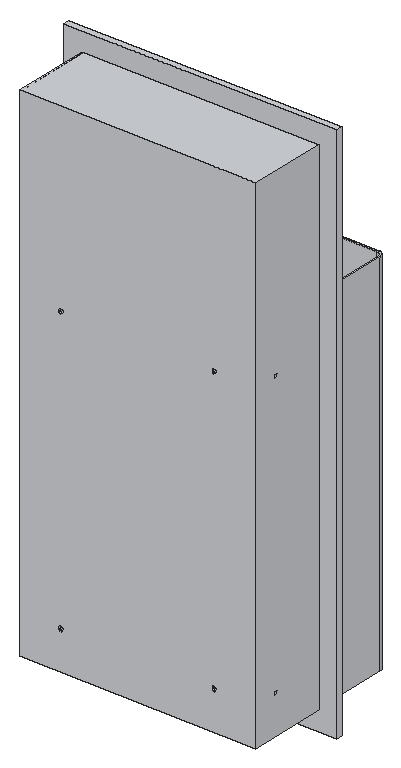
Revit family "AX8951E_0005", category Appareils sanitaires, Revit 2016
Family settings
  Hôte = Mur
  Type d'élément = Normal
  Cote de connecteur circulaire = Utiliser le diamètre
  Numéro OmniClass = 23.75.00.00
  Titre OmniClass = Climate Control (HVAC)
  Toujours verticalement = Oui
  Couper avec des vides une fois chargée = Non
  Partagée = Non
  Point de calcul de pièce = Non
Parameters (values of type "Type 1")
  URL = "https://www.axeuro.com/fr/poubelles-a-encastrer-dans-un-mur/15472-poubelle-murale-ax8951e.html"
  Type de produit / Type of product = "Poubelle murale / Waste receptacle"  # constant formula
  Référence / Reference = "AX8951E"  # constant formula
  Model = ""
  Manufacturer = ""
  Entreprise / Company = "Axeuro"  # constant formula
  Description = ""
Reference planes
  plane 1 "Mur": y = 0
  plane 2 "Centre (gauche/droite)": x = 0
  plane 3 "Arrière": y = 75
Forms (mm)
  Sweep 1, solid
    path origin (0, -101.429, 1159.918) x (1, 0, 0) y (0, 0, 1)
      loop
        circle (0, 292.183) r 7.9
    profile origin (0, -101.429, 1444.201) x (0, 0, 1) y (0, -1, 0)
      loop
        line (0.02, -110.08) -> (-3.566, -110.08)
        arc (-3.566, -110.08) -> (-2.623, -113.276) -> (0.02, -115.306) r 5.389
        line (0.02, -115.306) -> (0.02, -110.08)
  Extrusion 2, solid
    sketch origin (7.88, -101.348, 1171.404) x (1, 0, 0) y (0, 0, 1)
      loop
        circle (-7.88, 280.697) r 7.9
    from -115.226 to -110
  Extrusion 3, void
    sketch origin (0, -101.348, 1171.404) x (1, 0, 0) y (0, 0, 1)
      loop
        line (1.292, 286.514) -> (-1.316, 286.514) -> (-1.316, 274.878) -> (1.292, 274.878) -> (1.292, 286.514)
    from -115.226 to -113.463
  Extrusion 4, solid
    sketch origin (-303.127, -110, -137.076) x (1, 0, 0) y (0, 0, 1)
      loop
        line (481.127, 1766.682) -> (125.127, 1766.682) -> (125.127, 1055.682) -> (481.127, 1055.682) -> (481.127, 1766.682)
      loop
        line (456.227, 1740.782) -> (150.027, 1740.782) -> (150.027, 1081.582) -> (456.227, 1081.582) -> (456.227, 1740.782)
    from -193 to -185
  Extrusion 5, solid
    sketch origin (0, -110, -137.076) x (1, 0, 0) y (0, 0, 1)
      loop
        line (153.1, 1740.782) -> (-153.1, 1740.782) -> (-153.1, 1081.582) -> (153.1, 1081.582) -> (153.1, 1740.782)
      loop
        line (154.1, 1741.782) -> (-154.1, 1741.782) -> (-154.1, 1080.582) -> (154.1, 1080.582) -> (154.1, 1741.782)
    from -185 to -84
  Extrusion 6, solid
    sketch origin (0, -186, -137.076) x (1, 0, 0) y (0, 1, 0)
      loop
        line (-154.1, 159) -> (154.1, 159) -> (154.1, 160) -> (-154.1, 160) -> (-154.1, 159)
    from 1080.582 to 1741.782
  Extrusion 7, void
    sketch origin (25.964, -186, -149.548) x (1, 0, 0) y (0, 0, 1)
      loop
        circle (74.036, 1514.654) r 3
    from -160 to -159
  Extrusion 8, void
    sketch origin (-174.036, -186, -149.548) x (1, 0, 0) y (0, 0, 1)
      loop
        circle (74.036, 1514.654) r 3
    from -160 to -159
  Extrusion 9, void
    sketch origin (25.964, -186, -520.548) x (1, 0, 0) y (0, 0, 1)
      loop
        circle (74.036, 1514.654) r 3
    from -160 to -159
  Extrusion 10, void
    sketch origin (-174.036, -186, -520.548) x (1, 0, 0) y (0, 0, 1)
      loop
        circle (74.036, 1514.654) r 3
    from -160 to -159
  Extrusion 11, solid
    sketch origin (0, -185, -137.076) x (1, 0, 0) y (0, 1, 0)
      loop
        arc (-144.028, 370) -> (-150.443, 367.343) -> (-153.1, 360.928) r 9.072
        line (-153.1, 360.928) -> (-153.1, 160) -> (153.1, 160) -> (153.1, 360.928)
        arc (153.1, 360.928) -> (150.443, 367.343) -> (144.028, 370) r 9.072
        line (144.028, 370) -> (-144.028, 370)
      loop
        line (-151.6, 359.428) -> (-151.6, 161.5) -> (151.6, 161.5) -> (151.6, 359.428)
        arc (151.6, 359.428) -> (148.943, 365.843) -> (142.528, 368.5) r 9.072
        line (142.528, 368.5) -> (-142.528, 368.5)
        arc (-142.528, 368.5) -> (-148.943, 365.843) -> (-151.6, 359.428) r 9.072
    from 1081.582 to 1565.777
  Extrusion 12, solid
    sketch origin (0, -110, -86.324) x (1, 0, 0) y (0, 0, 1)
      loop
        line (151.6, 1555.426) -> (-151.6, 1555.426) -> (-151.6, 1521.426) -> (151.6, 1521.426) -> (151.6, 1555.426)
    from -118.652 to -86.5
  Extrusion 13, void
    sketch origin (0, 75, 0) x (1, 0, 0) y (0, 0, 1)
      loop
        line (151.6, 1603.106) -> (-151.6, 1603.106) -> (-151.6, 944.506) -> (151.6, 944.506) -> (151.6, 1603.106)
    from -8 to 101
  Extrusion 14, void
    sketch origin (0, 0, 6) x (0, 1, 0) y (0, 0, 1)
      loop
        circle (4.019, 1359.106) r 3
    from 153.1 to 154.1
  Extrusion 15, void
    sketch origin (0, 0, -365) x (0, 1, 0) y (0, 0, 1)
      loop
        circle (4.019, 1359.106) r 3
    from 153.1 to 154.1
  Extrusion 16, void
    sketch origin (0, 0, 6) x (0, 1, 0) y (0, 0, -1)
      loop
        circle (4.019, -1359.106) r 3
    from 153.1 to 154.1
  Extrusion 17, void
    sketch origin (0, 0, -365) x (0, 1, 0) y (0, 0, -1)
      loop
        circle (4.019, -1359.106) r 3
    from 153.1 to 154.1
  Extrusion 18, solid
    sketch origin (0, 0, 0) x (1, 0, 0) y (0, 1, 0)
      loop
        line (-153.1, 83) -> (153.1, 83) -> (153.1, 175.928)
        arc (153.1, 175.928) -> (150.443, 182.343) -> (144.028, 185) r 9.072
        line (144.028, 185) -> (-144.028, 185)
        arc (-144.028, 185) -> (-150.443, 182.343) -> (-153.1, 175.928) r 9.072
        line (-153.1, 175.928) -> (-153.1, 83)
    from 944.506 to 947.08
Cuts and joins
  Extrusion 8, Extrusion 9, Extrusion 10, Extrusion 13, Extrusion 14, Extrusion 15, Extrusion 16, Extrusion 17 cuts Extrusion 5
  Extrusion 7, Extrusion 8, Extrusion 9, Extrusion 10, Extrusion 13, Extrusion 14, Extrusion 15, Extrusion 16, Extrusion 17 cuts Extrusion 6
  joined: Extrusion 5, Extrusion 6
  Extrusion 3 cuts Extrusion 2
  Extrusion 14, Extrusion 15, Extrusion 16, Extrusion 17 cuts Extrusion 11
  joined: Extrusion 4, Extrusion 11, Extrusion 18
Lines and regions (mm)
  reference lines
    curve 1: line (143.589, 75, 0) -> (143.589, 75.981, 0)
Text (mm)
  text "Côté de la mise en place" at (-1820.995, 1116.779, 0), in view "Niveau de réf."
  text "Côté de la mise en place" at (0, 1334.055, 2976.191), in view "Gauche"
  text "Côté de la mise en place" at (0, 439.194, 2944.362), in view "Droite"
Dimensions and locks
  locked: plane 3 "Arrière" to host wall
  aligned and locked: plane 1 "Mur" to host wall
